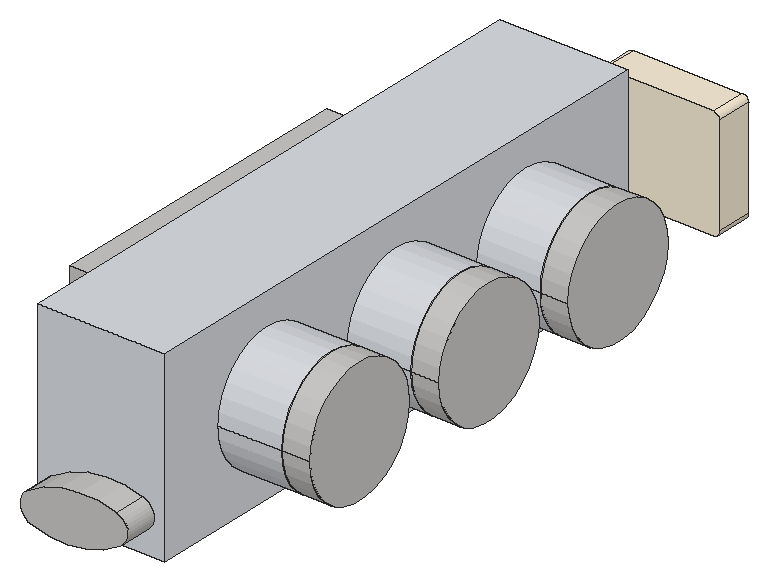
Revit family "HVAC_Ductwork_Airzone_Motorized-Plenum_Haier_Standard_3-Dampers", category Mechanical Equipment, Revit 2016
Family settings
  Part Type = Normal
  Round Connector Dimension = Use Diameter
  OmniClass Number = 23.75.70.14
  OmniClass Title = Air Ductwork
  Work Plane-Based = No
  Always vertical = Yes
  Cut with Voids When Loaded = No
  Shared = No
  Room Calculation Point = No
Parameters (values of type "HAIST01XS3")
  Voltage = 230 V
  URL = "www.airzone.es"
  Type Image Comments = "Image available in product documentation download"  # constant formula
  Revit Model Version = "1.0"  # constant formula
  Revit Model Author URL = "www.a3d.es"
  Revit Model Author = "A3D Consulting"  # constant formula
  Product Documentation Download URL = "http://doc.airzone.es/BIM/Easyzone/Haier-Airzone_motorized_plenum.zip"
  Product Comments = "Refer to technical documentation for further details"  # constant formula
  Power Factor = 1
  Neck Width = 515.600 mm
  Neck Length = 95.000 mm
  Neck Height = 151.600 mm
  Material = Metal - AIRZONE - Galvanized Sheet - Semi-polished
  Main Control Board Material = Plastic - AIRZONE - Smooth - Off-white
  Load Classification = Other
  Insulated Body Width = 205.000 mm  # constant formula
  Insulated Body Material = Metal -AIRZONE - Insulating Lining -Aluminum Finish
  Insulated Body Length = 930.000 mm  # constant formula
  Insulated Body Height = 300.000 mm  # constant formula
  Flow [instance] = Damper 3 Air Flow + Damper 2 Air Flow + Damper 1 Air Flow - Fresh Air Inlet 2 Flow - Fresh Air Inlet 1 Flow  # 900 m³/h
  Fresh Air Inlet 1 Flow [instance] = 0 m³/h
  Fresh Air Inlet 2 Flow [instance] = 0 m³/h
  Fresh Air Inlet Connection Width = 175.000 mm
  Fresh Air Inlet Connection Height = 75.000 mm
  Model = "HAIST01XS3"
  Neck Side Offset = 230.200 mm
  Neck Bottom Offset = 88.200 mm
  Type Image = <None>
  Manufacturer = "AIRZONE"  # constant formula
  Main Control Board Depth = 57.000 mm  # constant formula
  Main Control Board Width = 195.000 mm  # constant formula
  Main Control Board Height = 180.000 mm  # constant formula
  Fixing = ""
  Disclaimer = "All information provided in this model is reviewed before being published. However, Airzone cannot guarantee this model is error-free, therefore users are strongly encouraged to check for technical documentation and updates"  # constant formula
  Description = "Airzone standard motorized plenum with neck that mechanically adapts to the main ducted AC units of Haier."
  Type Comments = ""
  Dampers Length = 149.000 mm  # constant formula
  Dampers Diameter = 200.000 mm  # constant formula
  Damper 1 Air Flow [instance] = 300 m³/h
  Damper 2 Air Flow [instance] = 300 m³/h
  Damper 3 Air Flow [instance] = 300 m³/h
  Fresh Air Inlet Connection Offset Height = 48.305 mm  # constant formula
  Compatible Accesories = ""
  Apparent Load = 57.5 VA
Types (2, lengths in mm): name | Neck Width | Model | Neck Side Offset
  HAIST01S3 | 800.600 | "HAIST01S3" | 87.700
  HAIST01XS3 | 515.600 | "HAIST01XS3" | 230.200
Reference planes
  plane 1 "Center (Front/Back)": y = 0
  plane 2 "Center (Elevation)": z = 0
  plane 3 "Center (Left/Right)": x = 0
  plane 4 "Neck Back": y = 257.8
  plane 5 "Neck Front": y = -257.8
  plane 6 "Neck Top": z = 75.8
  plane 7 "Neck Bottom": z = -75.8
  plane 8 "Left": x = 95
  plane 9 "Bottom": z = -164
  plane 10 "Top": z = 136
  plane 11 "Front": y = -442
  plane 12 "Back": y = 488
  plane 13 "Right": x = 300
  plane 14 "Dampers Front": x = 449
  plane 15 "Dampers Center (Elevation)": z = -14
  plane 16 "Damper3": y = -237
  plane 17 "Damper2": y = 23
  plane 18 "Damper1": y = 283
  plane 19 "Middle": y = 23
  plane 20 "FreshAir Center (Elevation)": z = -115.695
  plane 21 "FreshAir1": y = 540.5
  plane 22 "FreshAir2": y = -494.5
  plane 23 "Dampers Lining": x = 404
  plane 24 "FreshAir Vertical Axis": x = 195.83
  plane 25 "ConnectionBox Side": x = 254
  plane 26 "Main Control Board Center (Left/Right)": x = 351.5
Forms (mm)
  Extrusion 1, solid, material "Metal - AIRZONE - Galvanized Sheet - Semi-polished" <- "Material"
    sketch origin (0, 0, 0) x (0, 1, 0) y (0, 0, 1)
      loop
        line (-257.8, 75.8) -> (-257.8, -75.8) -> (257.8, -75.8) -> (257.8, 75.8) -> (-257.8, 75.8)
    from 0 to 95
  Extrusion 2, solid, material "Metal -AIRZONE - Insulating Lining -Aluminum Finish" <- "Insulated Body Material"
    sketch origin (95, 0, 0) x (0, 1, 0) y (0, 0, 1)
      loop
        line (-442, 136) -> (-442, -164) -> (488, -164) -> (488, 136) -> (-442, 136)
    from 0 to 205
  Extrusion 3, solid, material "Metal - AIRZONE - Galvanized Sheet - Semi-polished" <- "Material"
    sketch origin (300, 0, 0) x (0, 1, 0) y (0, 0, 1)
      loop
        circle (-237, -14) r 100
    from 104 to 149
  Extrusion 4, solid, material "Metal - AIRZONE - Galvanized Sheet - Semi-polished" <- "Material"
    sketch origin (300, 0, 0) x (0, 1, 0) y (0, 0, 1)
      loop
        circle (23, -14) r 100
    from 104 to 149
  Extrusion 5, solid, material "Metal - AIRZONE - Galvanized Sheet - Semi-polished" <- "Material"
    sketch origin (300, 0, 0) x (0, 1, 0) y (0, 0, 1)
      loop
        circle (283, -14) r 100
    from 104 to 149
  Extrusion 6, solid, material "Metal - AIRZONE - Galvanized Sheet - Semi-polished" <- "Material"
    sketch origin (0, -442, 0) x (0, 0, 1) y (1, 0, 0)
      loop
        arc (-83.141, 265.204) -> (-104.608, 282.105) -> (-129.312, 270.434) r 25.96
        arc (-129.312, 270.434) -> (-155.302, 200.598) -> (-147.849, 126.456) r 164.67
        arc (-147.849, 126.456) -> (-126.665, 109.589) -> (-101.994, 120.751) r 25.96
        arc (-101.994, 120.751) -> (-75.725, 190.78) -> (-83.141, 265.204) r 164.67
    from 0 to -52.5
  Extrusion 7, solid, material "Metal - AIRZONE - Galvanized Sheet - Semi-polished" <- "Material"
    sketch origin (0, 488, 0) x (0, 0, 1) y (1, 0, 0)
      loop
        arc (-83.141, 265.204) -> (-104.325, 282.071) -> (-128.996, 270.909) r 25.96
        arc (-128.996, 270.909) -> (-155.179, 201.53) -> (-148.267, 127.699) r 164.67
        arc (-148.267, 127.699) -> (-127.032, 109.637) -> (-101.678, 121.226) r 25.96
        arc (-101.678, 121.226) -> (-75.688, 191.062) -> (-83.141, 265.204) r 164.67
    from 0 to 52.5
  Extrusion 8, solid, material "Metal -AIRZONE - Insulating Lining -Aluminum Finish" <- "Insulated Body Material"
    sketch origin (300, 0, 0) x (0, 1, 0) y (0, 0, 1)
      loop
        circle (283, -14) r 100
    from 0 to 104
  Extrusion 9, solid, material "Metal -AIRZONE - Insulating Lining -Aluminum Finish" <- "Insulated Body Material"
    sketch origin (300, -260, 0) x (0, 1, 0) y (0, 0, 1)
      loop
        circle (283, -14) r 100
    from 0 to 104
  Extrusion 10, solid, material "Metal -AIRZONE - Insulating Lining -Aluminum Finish" <- "Insulated Body Material"
    sketch origin (300, -520, 0) x (0, 1, 0) y (0, 0, 1)
      loop
        circle (283, -14) r 100
    from 0 to 104
Lines and regions (mm)
  Masking region 1
    outline origin (0, 0, 0) x (1, 0, 0) y (0, 1, 0)
      loop
        line (95, 488) -> (95, -442) -> (300, -442) -> (300, 488) -> (95, 488)
  Masking region 2, detail levels medium+fine
    outline origin (0, 0, 0) x (1, 0, 0) y (0, 1, 0)
      loop
        line (0, 257.8) -> (0, -257.8) -> (95, -257.8) -> (95, 257.8) -> (0, 257.8)
  Masking region 3, detail levels medium+fine
    outline origin (0, 0, 0) x (1, 0, 0) y (0, 1, 0)
      loop
        line (300, -137) -> (300, -337) -> (449, -337) -> (449, -137) -> (300, -137)
  Masking region 4, detail levels medium+fine
    outline origin (0, 260, 0) x (1, 0, 0) y (0, 1, 0)
      loop
        line (300, -137) -> (300, -337) -> (449, -337) -> (449, -137) -> (300, -137)
  Masking region 5, detail levels medium+fine
    outline origin (0, 520, 0) x (1, 0, 0) y (0, 1, 0)
      loop
        line (300, -137) -> (300, -337) -> (449, -337) -> (449, -137) -> (300, -137)
  Masking region 6, detail levels medium+fine
    outline origin (0, 0, -115.695) x (1, 0, 0) y (0, 1, 0)
      loop
        line (108.33, 540.5) -> (108.33, 488) -> (283.33, 488) -> (283.33, 540.5) -> (108.33, 540.5)
  Masking region 7, detail levels medium+fine
    outline origin (0, 0, -115.695) x (1, 0, 0) y (0, 1, 0)
      loop
        line (108.33, -442) -> (108.33, -494.5) -> (283.33, -494.5) -> (283.33, -442) -> (108.33, -442)
  Masking region 8, detail levels medium+fine
    outline origin (0, 0, 136) x (0, -1, 0) y (1, 0, 0)
      loop
        line (-545, 254) -> (-488, 254) -> (-488, 449) -> (-545, 449) -> (-545, 254)
  symbolic lines, detail levels coarse
    curve 1: line (95, -442, 0) -> (300, 23, 0)
    curve 2: line (300, 23, 0) -> (95, 488, 0)
Dimensions and locks
  equal spacing: plane 4 "Neck Back", plane 1 "Center (Front/Back)", plane 5 "Neck Front"
  "Neck Width": plane 4 "Neck Back" to plane 5 "Neck Front"
  equal spacing: plane 6 "Neck Top", level, plane 7 "Neck Bottom"
  "Neck Height": plane 6 "Neck Top" to plane 7 "Neck Bottom"
  "Neck Length": plane 3 "Center (Left/Right)" to plane 8 "Left"
  "Neck Bottom Offset": plane 7 "Neck Bottom" to plane 9 "Bottom"
  "Insulated Body Height": plane 10 "Top" to plane 9 "Bottom"
  "Insulated Body Length": plane 12 "Back" to plane 11 "Front"
  "Insulated Body Width": plane 8 "Left" to plane 13 "Right"
  "Dampers Length": plane 13 "Right" to plane 14 "Dampers Front"
  equal spacing: plane 10 "Top", plane 15 "Dampers Center (Elevation)", plane 9 "Bottom"
  plane 18 "Damper1" to plane 17 "Damper2" to plane 16 "Damper3" = 260.000 mm locked, 260.000 mm locked
  equal spacing: plane 12 "Back", plane 19 "Middle", plane 11 "Front"
  plane 8 "Left" to plane 13 "Right" = 205.000 mm
  "Fresh Air Inlet Connection Offset Height": plane 20 "FreshAir Center (Elevation)" to plane 9 "Bottom"
  locked: Extrusion 6 sketch curve to plane 9 "Bottom" at 56.47
  locked: plane 13 "Right" to Extrusion 6 sketch curve at 43.69
  locked: plane 13 "Right" to Extrusion 6 sketch curve at 164.65
  locked: Extrusion 6 sketch curve to plane 9 "Bottom" at 40.54
  locked: plane 13 "Right" to Extrusion 6 sketch curve at 87.91
  locked: plane 9 "Bottom" to Extrusion 6 sketch curve at 75.01
  locked: plane 13 "Right" to Extrusion 6 sketch curve at 120.43
  locked: Extrusion 6 sketch curve to plane 9 "Bottom" at 172.02
  locked: plane 13 "Right" to Extrusion 7 sketch curve at 43.69
  locked: Extrusion 7 sketch curve to plane 9 "Bottom" at 56.47
  locked: Extrusion 7 sketch curve to plane 9 "Bottom" at 40.54
  locked: plane 13 "Right" to Extrusion 7 sketch curve at 164.65
  locked: plane 13 "Right" to Extrusion 7 sketch curve at 120.43
  locked: Extrusion 7 sketch curve to plane 9 "Bottom" at 172.02
  locked: plane 9 "Bottom" to Extrusion 7 sketch curve at 75.01
  locked: plane 13 "Right" to Extrusion 7 sketch curve at 87.91
  "Neck Side Offset": plane 12 "Back" to plane 4 "Neck Back"
  equal spacing: plane 12 "Back", plane 17 "Damper2", plane 11 "Front"
  locked: plane 21 "FreshAir1" to plane 12 "Back" at 52.5
  plane 11 "Front" to plane 22 "FreshAir2" = 52.500 mm
  locked: connector elem to plane 13 "Right" at 104.17
  locked: plane 20 "FreshAir Center (Elevation)" to connector elem
  locked: plane 13 "Right" to connector elem at 104.17
  locked: connector elem to plane 20 "FreshAir Center (Elevation)"
  locked: plane 23 "Dampers Lining" to plane 14 "Dampers Front" at 45
  locked: plane 24 "FreshAir Vertical Axis" to plane 13 "Right" at 104.17
  equal spacing: Masking region 3 sketch curve, plane 16 "Damper3", Masking region 3 sketch curve
  "Dampers Diameter": Masking region 3 sketch curve to Masking region 3 sketch curve
  equal spacing: Masking region 4 sketch curve, plane 17 "Damper2", Masking region 4 sketch curve
  "Dampers Diameter": Masking region 4 sketch curve to Masking region 4 sketch curve
  equal spacing: Masking region 5 sketch curve, plane 18 "Damper1", Masking region 5 sketch curve
  "Dampers Diameter": Masking region 5 sketch curve to Masking region 5 sketch curve
  equal spacing: Masking region 6 sketch curve, plane 24 "FreshAir Vertical Axis", Masking region 6 sketch curve
  "Fresh Air Inlet Connection Width": Masking region 6 sketch curve to Masking region 6 sketch curve
  equal spacing: Masking region 7 sketch curve, plane 24 "FreshAir Vertical Axis", Masking region 7 sketch curve
  "Fresh Air Inlet Connection Width": Masking region 7 sketch curve to Masking region 7 sketch curve
  "Main Control Board Depth": Masking region 8 sketch curve to plane 12 "Back"
  "Main Control Board Width": plane 25 "ConnectionBox Side" to plane 14 "Dampers Front"
  equal spacing: plane 25 "ConnectionBox Side", plane 26 "Main Control Board Center (Left/Right)", plane 14 "Dampers Front"
  locked: nested 1 to plane 10 "Top" at 10
  "Dampers Diameter": diameter of Extrusion 3 sketch curve
  "Dampers Diameter": diameter of Extrusion 4 sketch curve
  "Dampers Diameter": diameter of Extrusion 5 sketch curve
  radius of Extrusion 7 sketch curve = 164.670 mm  (x2)
  radius of Extrusion 7 sketch curve = 25.960 mm  (x2)
  radius of Extrusion 6 sketch curve = 164.670 mm  (x2)
  radius of Extrusion 6 sketch curve = 25.960 mm  (x2)
  "Dampers Diameter": diameter of Extrusion 8 sketch curve
  "Dampers Diameter": diameter of Extrusion 9 sketch curve
  "Dampers Diameter": diameter of Extrusion 10 sketch curve
  aligned and locked: level to plane 2 "Center (Elevation)"
  aligned and locked: plane 5 "Neck Front" to Extrusion 1 sketch curve
  aligned and locked: Extrusion 1 sketch curve to plane 6 "Neck Top"
  aligned and locked: Extrusion 1 sketch curve to plane 4 "Neck Back"
  aligned and locked: plane 7 "Neck Bottom" to Extrusion 1 sketch curve
  aligned and locked: Extrusion 1 to plane 3 "Center (Left/Right)"
  aligned and locked: Extrusion 2 sketch curve to plane 10 "Top"
  aligned and locked: Extrusion 2 sketch curve to plane 12 "Back"
  aligned and locked: plane 9 "Bottom" to Extrusion 2 sketch curve
  aligned and locked: plane 11 "Front" to Extrusion 2 sketch curve
  aligned and locked: plane 13 "Right" to Extrusion 2
  aligned and locked: Extrusion 2 to plane 8 "Left"
  aligned and locked: plane 16 "Damper3" to Extrusion 3 sketch curve
  aligned and locked: plane 15 "Dampers Center (Elevation)" to Extrusion 3 sketch curve
  aligned and locked: plane 17 "Damper2" to Extrusion 4 sketch curve
  aligned and locked: plane 15 "Dampers Center (Elevation)" to Extrusion 4 sketch curve
  aligned and locked: plane 18 "Damper1" to Extrusion 5 sketch curve
  aligned and locked: plane 15 "Dampers Center (Elevation)" to Extrusion 5 sketch curve
  aligned and locked: plane 14 "Dampers Front" to Extrusion 5
  aligned and locked: plane 14 "Dampers Front" to Extrusion 4
  aligned and locked: plane 14 "Dampers Front" to Extrusion 3
  aligned and locked: plane 8 "Left" to Extrusion 1
  aligned and locked: plane 22 "FreshAir2" to Extrusion 6
  aligned and locked: plane 21 "FreshAir1" to Extrusion 7
  aligned and locked: Extrusion 7 to plane 12 "Back"
  aligned and locked: plane 11 "Front" to Extrusion 6
  aligned and locked: Extrusion 5 to plane 23 "Dampers Lining"
  aligned and locked: Extrusion 5 to Extrusion 4
  aligned and locked: Extrusion 4 to Extrusion 3
  aligned and locked: plane 23 "Dampers Lining" to Extrusion 8
  aligned and locked: Extrusion 10 to plane 13 "Right"
  aligned and locked: plane 23 "Dampers Lining" to Extrusion 10
  aligned and locked: Extrusion 9 to plane 13 "Right"
  aligned and locked: plane 23 "Dampers Lining" to Extrusion 9
  aligned and locked: Extrusion 8 to plane 13 "Right"
  aligned and locked: Extrusion 9 to Extrusion 8
  aligned and locked: plane 18 "Damper1" to Extrusion 8 sketch curve
  aligned and locked: plane 15 "Dampers Center (Elevation)" to Extrusion 8 sketch curve
  aligned and locked: plane 17 "Damper2" to Extrusion 9 sketch curve
  aligned and locked: plane 15 "Dampers Center (Elevation)" to Extrusion 9 sketch curve
  aligned and locked: plane 16 "Damper3" to Extrusion 10 sketch curve
  aligned and locked: plane 15 "Dampers Center (Elevation)" to Extrusion 10 sketch curve
  aligned and locked: Masking region 1 sketch curve to plane 12 "Back"
  aligned and locked: plane 8 "Left" to Masking region 1 sketch curve
  aligned and locked: Masking region 1 sketch curve to plane 13 "Right"
  aligned and locked: plane 11 "Front" to Masking region 1 sketch curve
  aligned and locked: plane 5 "Neck Front" to Masking region 2 sketch curve
  aligned and locked: plane 3 "Center (Left/Right)" to Masking region 2 sketch curve
  aligned and locked: Masking region 2 sketch curve to plane 4 "Neck Back"
  aligned and locked: Masking region 2 sketch curve to plane 8 "Left"
  aligned and locked: plane 13 "Right" to Masking region 3 sketch curve
  aligned and locked: Masking region 3 sketch curve to plane 14 "Dampers Front"
  aligned and locked: plane 13 "Right" to Masking region 4 sketch curve
  aligned and locked: Masking region 4 sketch curve to plane 14 "Dampers Front"
  aligned and locked: plane 13 "Right" to Masking region 5 sketch curve
  aligned and locked: Masking region 5 sketch curve to plane 14 "Dampers Front"
  aligned and locked: plane 12 "Back" to Masking region 6 sketch curve
  aligned and locked: Masking region 6 sketch curve to plane 21 "FreshAir1"
  aligned and locked: Masking region 7 sketch curve to plane 11 "Front"
  aligned and locked: Masking region 7 sketch curve to plane 22 "FreshAir2"
  aligned and locked: plane 12 "Back" to Masking region 8 sketch curve
  aligned and locked: Masking region 8 sketch curve to plane 14 "Dampers Front"
  aligned and locked: plane 25 "ConnectionBox Side" to Masking region 8 sketch curve
  aligned and locked: nested 1 to plane 26 "Main Control Board Center (Left/Right)"
Automatic sketch dimensions
  curve 2 to plane 8 "Left" = 0.000 mm
  curve 1 to plane 8 "Left" = 0.000 mm
  curve 1 to plane 13 "Right" = 0.000 mm
  curve 1 to plane 11 "Front" = 0.000 mm
  curve 2 to plane 17 "Damper2" = 0.000 mm
  curve 2 to plane 12 "Back" = 0.000 mm
Nested families
  nested 1: "Airzone_Main-Control-Board" at (351.5, 488, 36) x (-1, 0, 0) z (0, 1, 0), Extrusion <- "Main Control Board Depth", Height <- "Main Control Board Height", Width <- "Main Control Board Width", Material <- "Main Control Board Material", type "Standard"
    with Width 195.000 mm, Material Plastic - AIRZONE - Smooth - Off-white, Height 180.000 mm, Extrusion 57.000 mm
Connectors
  hvac at (449, -237, -14), driven by "Damper 3 Air Flow", driven by "Dampers Diameter"
    settings: on Extrusion 3, index 1, duct flow 300 m³/h, flow factor 0, pres drop 0.0 Pa, loss coef 0, conn angle 0.00°, conn width 304.8 mm, conn height 304.8 mm, conn diameter 200 mm, duct sys type 1, conn prof type 0, flow config 0, flow direction 2, loss method 0, conn ref index -1, conn util no, is conn primary no, conn desc "Supply Air Out 3"
  hvac at (449, 23, -14), driven by "Damper 2 Air Flow", driven by "Dampers Diameter"
    settings: on Extrusion 4, index 2, duct flow 300 m³/h, flow factor 0, pres drop 0.0 Pa, loss coef 0, conn angle 0.00°, conn width 304.8 mm, conn height 304.8 mm, conn diameter 200 mm, duct sys type 1, conn prof type 0, flow config 0, flow direction 2, loss method 0, conn ref index -1, conn util no, is conn primary no, conn desc "Supply Air Out 2"
  hvac at (449, 283, -14), driven by "Damper 1 Air Flow", driven by "Dampers Diameter"
    settings: on Extrusion 5, index 3, duct flow 300 m³/h, flow factor 0, pres drop 0.0 Pa, loss coef 0, conn angle 0.00°, conn width 304.8 mm, conn height 304.8 mm, conn diameter 200 mm, duct sys type 1, conn prof type 0, flow config 0, flow direction 2, loss method 0, conn ref index -1, conn util no, is conn primary no, conn desc "Supply Air Out 1"
  hvac at (0, 0, 0), driven by "Flow", driven by "Neck Height", driven by "Neck Width"
    settings: on Extrusion 1, index 6, duct flow 900 m³/h, flow factor 0, pres drop 0.0 Pa, loss coef 0, conn angle 0.00°, conn width 515.6 mm, conn height 151.6 mm, conn diameter 609.6 mm, duct sys type 1, conn prof type 1, flow config 1, flow direction 1, loss method 0, conn ref index -1, conn util no, is conn primary yes, conn desc "Supply Air In"
  hvac at (195.83, -494.5, -115.695), driven by "Fresh Air Inlet 2 Flow", driven by "Fresh Air Inlet Connection Width", driven by "Fresh Air Inlet Connection Height"
    settings: index 7, duct flow 0 m³/h, flow factor 0, pres drop 0.0 Pa, loss coef 0, conn angle 0.00°, conn width 175 mm, conn height 75 mm, conn diameter 609.6 mm, duct sys type 1, conn prof type 2, flow config 1, flow direction 1, loss method 0, conn ref index -1, conn util no, is conn primary no, conn desc "Fresh Air In 2"
  hvac at (195.83, 540.5, -115.695), driven by "Fresh Air Inlet 1 Flow", driven by "Fresh Air Inlet Connection Height", driven by "Fresh Air Inlet Connection Width"
    settings: index 8, duct flow 0 m³/h, flow factor 0, pres drop 0.0 Pa, loss coef 0, conn angle 0.00°, conn width 175 mm, conn height 75 mm, conn diameter 609.6 mm, duct sys type 1, conn prof type 2, flow config 1, flow direction 1, loss method 0, conn ref index -1, conn util no, is conn primary no, conn desc "Fresh Air In 1"
  electrical at (351.5, 545, 36), driven by "Load Classification", driven by "Voltage", driven by "Apparent Load", driven by "Power Factor"
    settings: on nested 1, index 9, voltage 230 V, apparent load 57.5 VA, apparent load phase1 0 VA, apparent load phase2 0 VA, apparent load phase3 0 VA, power factor 1, load classification "Other", number of poles 1, system type 30, power factor state 1, is connector primary yes, connector utility no, sub classification motor no, connector description "Power Supply"
Definition of nested family "Airzone_Main-Control-Board"
  Parameters (values of type "Standard")
    Width [instance] = 195.000 mm
    URL = "www.airzone.es"
    Revit Model Version = "1.0"  # constant formula
    Revit Model Author URL = "www.a3d.es"
    Revit Model Author = "A3D Consulting"  # constant formula
    Material [instance] = none
    Manufacturer = "AIRZONE"  # constant formula
    Height [instance] = 180.000 mm
    Extrusion [instance] = 57.000 mm
    Default Elevation = 0.000 mm
  Reference planes
    plane 1 "Center (Front/Back)": y = 0
    plane 2: z = 0
    plane 3 "Center (Left/Right)": x = 0
    plane 4: y = 90
    plane 5: y = -90
    plane 6: x = 97.5
    plane 7: x = -97.5
  Forms (mm)
    Extrusion 1, solid, material <- "Material"
      sketch origin (0, 0, 0) x (1, 0, 0) y (0, 1, 0)
        loop
          arc (-87.5, 90) -> (-94.571, 87.071) -> (-97.5, 80) r 10
          line (-97.5, 80) -> (-97.5, -80)
          arc (-97.5, -80) -> (-94.571, -87.071) -> (-87.5, -90) r 10
          line (-87.5, -90) -> (87.5, -90)
          arc (87.5, -90) -> (94.571, -87.071) -> (97.5, -80) r 10
          line (97.5, -80) -> (97.5, 80)
          arc (97.5, 80) -> (94.571, 87.071) -> (87.5, 90) r 10
          line (87.5, 90) -> (-87.5, 90)
      from 0 to 57 <- "Extrusion"
  Dimensions and locks
    equal spacing: plane 7, plane 3 "Center (Left/Right)", plane 6
    equal spacing: plane 4, plane 1 "Center (Front/Back)", plane 5
    "Width": plane 7 to plane 6
    "Height": plane 4 to plane 5
    radius of Extrusion 1 sketch curve = 10.000 mm  (x4)
    aligned and locked: level to plane 2
    aligned and locked: plane 5 to Extrusion 1 sketch curve
    aligned and locked: Extrusion 1 sketch curve to plane 6
    aligned and locked: Extrusion 1 sketch curve to plane 4
    aligned and locked: plane 7 to Extrusion 1 sketch curve
